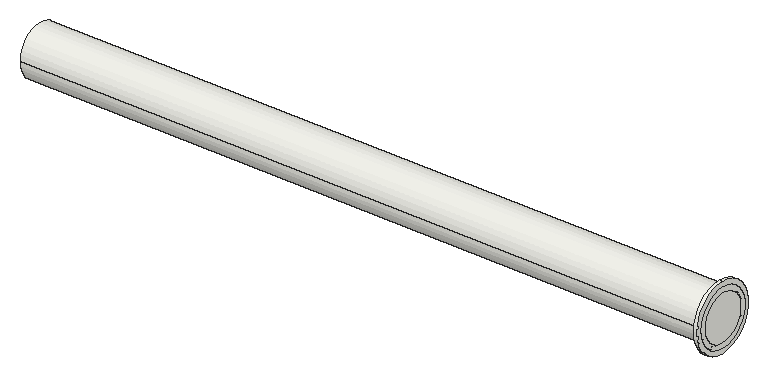
Revit family "FoFo_Tubo_PF", category Pipe Fittings, Revit 2025
Family settings
  Round Connector Dimension = Use Radius
  Part Type = Union
  OmniClass Number = 23.60.30.11.14
  OmniClass Title = Pipework Fittings
  Work Plane-Based = Yes
  Always vertical = No
  Cut with Voids When Loaded = No
  Shared = Yes
Parameters (values of type "TUPF_10_0400")
  PN = "10"
  Manufacturer = "SGC"
  Loss Method = K Coefficient from Table
  K Coefficient Table = "Tee"
  Junta_1_Tipo = FoFo_Junta_Flange : FLA_10_0400
  Description = "Tubo Ponta e Flange"
  Default Elevation = 1219.2 mm
  DN = "400"
  Corpo_L = 6000.0 mm
  Corpo_RE1 = 0.5 * Corpo_DE  # 214.5 mm
  Corpo_DE = 429.0 mm
Reference planes
  plane 1 "EixoP": y = 0
  plane 2: z = 0
  plane 3 "EixoS": x = 468.25
  plane 4 "EE": x = -2531.75
  plane 5 "ED": x = 3468.25
Forms (mm)
  Sweep 1, solid, material "FOFO"
    path origin (0, 0, 0) x (1, 0, 0) y (0, 1, 0)
      loop
        line (-2531.75, 0) -> (3468.25, 0)
    profile origin (468.25, 0, 0) x (0, 1, 0) y (0, 0, 1)
      loop
        circle (0, 0) r 214.5
Dimensions and locks
  "Corpo_L": plane 4 "EE" to plane 5 "ED"
  equal spacing: plane 4 "EE", plane 3 "EixoS", plane 5 "ED"
  "Corpo_RE1": radius of Sweep 1 sketch curve
  aligned and locked: Sweep 1 sketch curve to plane 1 "EixoP"
  aligned and locked: plane 5 "ED" to Sweep 1 sketch curve
  aligned and locked: plane 4 "EE" to Sweep 1 sketch curve
Automatic sketch dimensions
  Sweep 1 sketch curve to level = 0.0 mm
  Sweep 1 sketch curve to profile plane = 0.0 mm
Nested families
  nested 1: "FoFo_Junta_Flange" at (3468.25, 0, 0) x (0, 0, 1) z (1, 0, 0), type <- "Junta_1_Tipo", type "FLA_10_0400"
    with Furo_V 252.552 mm, Flange_RT 214.5 mm, Flange_RL 200.0 mm, Flange_RG 240.0 mm, Flange_RF 257.5 mm, Flange_RD 282.5 mm, Furo_Quant 16, Flange_MA 11.25°, Furo_H 50.236 mm, Flange_Diâmetro_Resalto 480.0 mm, Furo_Raio 12.0 mm, Furo_Diâmetro 24.0 mm, Flange_Diâmetro_Livre 400.0 mm, Flange_Diâmetro_Furação 515.0 mm, Flange_Diâmetro_Tubo 429.0 mm, Flange_Diâmetro_Externo 565.0 mm, Flange_Resalto 4.0 mm, Flange_Altura 28.0 mm
Connectors
  piping at (3468.25, 0, 0), diameter 429, driven by "Corpo_RE1"
    settings: on nested 1, index 1, connector inside diameter 24", connector length 0.0 mm, flow factor 0, pipe flow 0 GPM, pressure drop 0.00 psi, fitting loss kfactor 0, connector angle 0.00°, fixture units 0, engagement length 0.0 mm, angle of deflection 0.00°, flow configuration 0, flow direction 0, fitting loss method 0, system type 7, joint type 0, gender type 0, connector reference index -1, connector utility 0, adjustable connector no, is connector primary yes, connector description ""
  piping at (-2531.75, 0, 0), diameter 429, driven by "Corpo_RE1"
    settings: on Sweep 1, index 2, connector inside diameter 24", connector length 0.0 mm, flow factor 0, pipe flow 0 GPM, pressure drop 0.00 psi, fitting loss kfactor 0, connector angle 0.00°, fixture units 0, engagement length 0.0 mm, angle of deflection 0.00°, flow configuration 0, flow direction 0, fitting loss method 0, system type 7, joint type 0, gender type 0, connector reference index -1, connector utility 0, adjustable connector no, is connector primary no, connector description ""
Definition of nested family "FoFo_Junta_Flange"
  Parameters (values of type "FLA_10_0080")
    PN = "10"
    Furo_V = Flange_RF * cos(Flange_MA)  # 73.91 mm
    Flange_RT = 0.5 * Flange_Diâmetro_Tubo  # 49.0 mm
    Flange_RL = 0.5 * Flange_Diâmetro_Livre  # 40.0 mm
    Flange_RG = 0.5 * Flange_Diâmetro_Resalto  # 66.0 mm
    Flange_RF = 0.5 * Flange_Diâmetro_Furação  # 80.0 mm
    Flange_RD = 0.5 * Flange_Diâmetro_Externo  # 100.0 mm
    Furo_Quant = 8
    Flange_MA = 0.5 * (360.00° / Furo_Quant)  # 22.50°
    Furo_H = Flange_RF * sin(Flange_MA)  # 30.615 mm
    Flange_Diâmetro_Resalto = 132.0 mm
    Furo_Raio = 0.5 * Furo_Diâmetro  # 8.0 mm
    Furo_Diâmetro = 16.0 mm
    Flange_Diâmetro_Livre = 80.0 mm
    Flange_Diâmetro_Furação = 160.0 mm
    Flange_Diâmetro_Tubo = 98.0 mm
    Flange_Diâmetro_Externo = 200.0 mm
    Flange_Resalto = 3.0 mm
    Flange_Altura = 19.0 mm
    Default Elevation = 0.0 mm
    DN = "80"
  Reference planes
    plane 1 "Centro (Frente/Trás)": y = 0
    plane 2: z = 0
    plane 3 "Centro (Esquerda/Direita)": x = 0
    plane 4: z = -3
    plane 5: z = -22
  Forms (mm)
    Extrusion 1, solid
      sketch origin (0, 0, 0) x (1, 0, 0) y (0, 1, 0)
        loop
          circle (0, 0) r 100
      from -22 to -3
    Extrusion 2, solid
      sketch origin (0, 0, 0) x (1, 0, 0) y (0, 1, 0)
        loop
          circle (0, 0) r 66
      from 0 to -3
    Extrusion 3, void
      sketch origin (0, 0, 0) x (1, 0, 0) y (0, 1, 0)
        loop
          circle (0, 0) r 40
      from 0 to -22
  Cuts and joins
    Extrusion 3 cuts Extrusion 1
    Extrusion 3 cuts Extrusion 2
    joined: Extrusion 1, Extrusion 2
  Lines and regions (mm)
    model lines
      curve 1: line (-40, 0, 0) -> (40, 0, 0)
      curve 2: line (0, 40, 0) -> (0, -40, 0)
  Dimensions and locks
    "Flange_Resalto": plane 2 to plane 4
    "Flange_Altura": plane 4 to plane 5
    "Flange_RD": radius of Extrusion 1 sketch curve
    "Flange_RG": radius of Extrusion 2 sketch curve
    "Flange_RL": radius of Extrusion 3 sketch curve
    aligned and locked: plane 2 to level
    aligned and locked: Extrusion 1 to plane 5
    aligned and locked: Extrusion 1 to Extrusion 3
    aligned and locked: cut or joined group of Extrusion 1, Extrusion 2, Extrusion 3 to plane 4
    aligned and locked: plane 4 to cut or joined group of Extrusion 1, Extrusion 2, Extrusion 3
  Automatic sketch dimensions
    plane 1 "Centro (Frente/Trás)" to curve 1 = 0.0 mm
    curve 1 to plane 3 "Centro (Esquerda/Direita)" = 40.0 mm
    plane 3 "Centro (Esquerda/Direita)" to curve 1 = 40.0 mm
    plane 1 "Centro (Frente/Trás)" to curve 2 = 40.0 mm
    curve 2 to plane 1 "Centro (Frente/Trás)" = 40.0 mm
    curve 2 to plane 3 "Centro (Esquerda/Direita)" = 0.0 mm
    plane 1 "Centro (Frente/Trás)" to Extrusion 1 sketch curve = 0.0 mm
    Extrusion 1 sketch curve to plane 3 "Centro (Esquerda/Direita)" = 0.0 mm
    plane 1 "Centro (Frente/Trás)" to Extrusion 2 sketch curve = 0.0 mm
    Extrusion 2 sketch curve to plane 3 "Centro (Esquerda/Direita)" = 0.0 mm
    plane 1 "Centro (Frente/Trás)" to Extrusion 3 sketch curve = 0.0 mm
    Extrusion 3 sketch curve to plane 3 "Centro (Esquerda/Direita)" = 0.0 mm
Types in the file's own list only (15): name | Junta_1_Tipo | DN | Corpo_RE1 | Corpo_DE
  TUPF_10_0080 | FoFo_Junta_Flange : FLA_10_0080 | "80" | 49.0 mm | 98.0 mm
  TUPF_10_0100 | FoFo_Junta_Flange : FLA_10_0100 | "100" | 59.0 mm | 118.0 mm
  TUPF_10_0150 | FoFo_Junta_Flange : FLA_10_0150 | "150" | 85.0 mm | 170.0 mm
  TUPF_10_0200 | FoFo_Junta_Flange : FLA_10_0200 | "200" | 111.0 mm | 222.0 mm
  TUPF_10_0250 | FoFo_Junta_Flange : FLA_10_0250 | "250" | 137.0 mm | 274.0 mm
  TUPF_10_0300 | FoFo_Junta_Flange : FLA_10_0300 | "300" | 163.0 mm | 326.0 mm
  TUPF_10_0350 | FoFo_Junta_Flange : FLA_10_0350 | "350" | 189.0 mm | 378.0 mm
  TUPF_10_0450 | FoFo_Junta_Flange : FLA_10_0450 | "450" | 240.0 mm | 480.0 mm
  TUPF_10_0500 | FoFo_Junta_Flange : FLA_10_0500 | "500" | 266.0 mm | 532.0 mm
  TUPF_10_0600 | FoFo_Junta_Flange : FLA_10_0600 | "600" | 317.5 mm | 635.0 mm
  TUPF_10_0700 | FoFo_Junta_Flange : FLA_10_0700 | "700" | 369.0 mm | 738.0 mm
  TUPF_10_0800 | FoFo_Junta_Flange : FLA_10_0800 | "800" | 421.0 mm | 842.0 mm
  TUPF_10_0900 | FoFo_Junta_Flange : FLA_10_0900 | "900" | 472.5 mm | 945.0 mm
  TUPF_10_1000 | FoFo_Junta_Flange : FLA_10_1000 | "1000" | 524.0 mm | 1048.0 mm
  TUPF_10_1200 | FoFo_Junta_Flange : FLA_10_1200 | "1200" | 627.5 mm | 1255.0 mm
